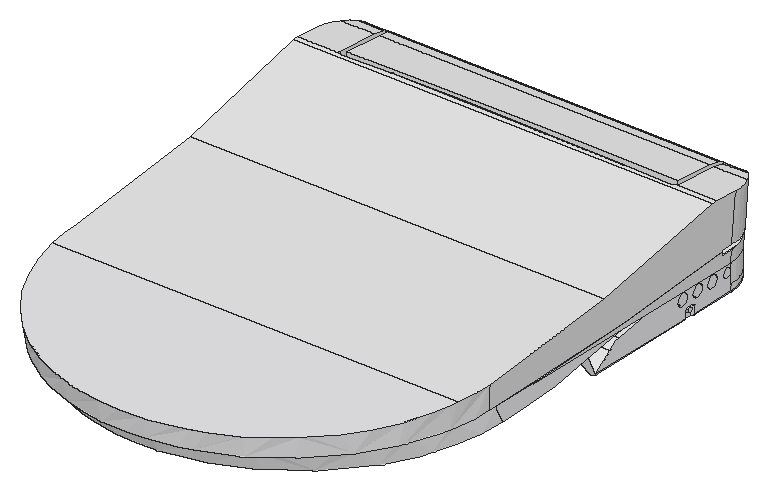
Revit family "Toilet_Seat-Elongated_Closed_Front-Cleansing-KOHLER-Purewash-K-28820K", category Plumbing Fixtures, host Face, Revit 2021
Family settings
  Host = Face
  Round Connector Dimension = Use Diameter
  Part Type = Normal
  OmniClass Number = 23.31.19.19.17
  OmniClass Title = Water Closet Seats
  Cut with Voids When Loaded = No
  Shared = No
  Room Calculation Point = No
Parameters (values of type "0-White")
  Width = 15.06299"  # constant formula
  WaterSense Certified = 1 = 0  # no
  Waste Water Outlet = "Waste Water Outlet"  # constant formula
  Waste Connection = 1 = 0  # no
  Voltage = 120 V  # constant formula
  Vent Connection = 1 = 0  # no
  URL = "https://www.kohlerasiapacific.com/"
  Type = 1
  Seat Included = 1 = 1  # yes
  Product Page URL = ""
  Product Name = "Purewash"  # constant formula
  Product Documentation Link = ""
  Pressure = 0.00 psi
  Model = "K-28820K-0"  # constant formula
  Material = "Plastic Construction"  # constant formula
  Master Format 2014 Name = "Residential Water Closets"  # constant formula
  Master Format 2014 = "22 41 13.13"  # constant formula
  Manufacturer Address = "No. 158 Jiang Chang San Road, Zhabei District, Shanghai, China"  # constant formula
  Manufacturer = "Kohler Co."  # constant formula
  Length = 20.24409"  # constant formula
  Hot Water Inlet = "Hot Water Inlet"  # constant formula
  Height = 3.56693"  # constant formula
  HW Connection = 1 = 0  # no
  Flush Rate- LPF = "0 LPF"
  Flush Rate- GPF = "0 GPF"
  Flow Rate = 0 GPM
  Finish = Kohler-Plastic-0-White
  Environmental Product Declaration = ""
  Electrical Note = "One Dedicated Circuit Required"  # constant formula
  Electrical Connector = 1 = 1  # yes
  Description = "E900 Round Bidet Seat"  # constant formula
  Default Elevation = 15"
  Declare Label = ""
  Date Modified = "11/18/2023"  # constant formula
  Date Created = "11/18/2023"  # constant formula
  Copyright = "Copyright Kohler Co."  # constant formula
  Contact Us = "https://www.kohlerasiapacific.com/contact-us"
  Cold Water Inlet = "Cold Water Inlet"  # constant formula
  CW Connection = 1 = 1  # yes
  Assembly Code = "D2010100"
  Apparent Load = 1200 VA  # constant formula
  ADA Compliant = 1 = 0  # no
Reference planes (in)
  plane 1 "Center (Front/Back)": y = 0
  plane 2: z = 0
  plane 3 "Center (Left/Right)": x = 0
  plane 4: z = 0
  plane 5: z = 3.56693
  plane 6: x = -7.5315
  plane 7: y = -3.56693
  plane 8: x = -3.94094
  plane 9: x = 3.94094
  plane 10: y = -6.24711
  plane 11: y = -17.27073
  plane 12: y = -0.80315
  plane 13: z = 0
  plane 14: z = 3.56693
  plane 15: z = 1.81102
  plane 16: z = 1.43701
  plane 17: z = 2.77843
  plane 18: z = 0.87826
  plane 19: z = 0.41589
  plane 20: z = -0.91732
  plane 21: z = 0.41589
  plane 22: z = 0.87
  plane 23: y = -2.45809
  plane 24: y = -3.41243
  plane 25: x = 7.31333
  plane 26: x = -7.31333
  plane 27: z = 1.05051
  plane 28: z = 0.4528
  plane 29: z = 0.4528
  plane 30: z = 0.4528
  plane 31: x = -2.75591
  plane 32: x = 2.75591
  plane 33: y = -3.68252
  plane 34: z = 1.94094
  plane 35: x = 7.5315
  plane 36: y = -20.24409
Forms (in)
  Extrusion 1, void
    sketch origin (0, 0, 0) x (0, 1, 0) y (0, 0, 1)
      loop
        line (-1.31466, 0.0884) -> (-5.35645, 0.0884) -> (-5.35645, -1.29024) -> (-1.31466, -1.29024) -> (-1.31466, 0.0884)
    from -1.69501 to 1.10921
Dimensions and locks (in)
  host face to plane 4 = 0"
  "Height": level to plane 5
  plane 8 to plane 9 = 7.88189"
  plane 10 to plane 11 = 11.02362"
  plane 31 to plane 32 = 5.51181"
  plane 20 to plane 5 = 4.48425"
  level to plane 34 = 1.94094"
  "Width": plane 6 to plane 35
  "Length": plane 36 to plane 1 "Center (Front/Back)"
  aligned and locked: plane 2 to host face
  aligned and locked: level to host face
  aligned and locked: plane 3 "Center (Left/Right)" to nested 1
  aligned and locked: nested 1 to plane 13
  aligned and locked: plane 13 to level
  aligned and locked: plane 6 to nested 1
  aligned and locked: plane 35 to nested 1
  aligned and locked: plane 1 "Center (Front/Back)" to nested 1  (x2)
  aligned and locked: plane 36 to nested 1
Automatic sketch dimensions
  host sketch curve to host sketch curve = 96"  (x2)
  plane 7 to Extrusion 1 sketch curve = 2.25227"
  level to Extrusion 1 sketch curve = 0.0884"
  plane 10 to Extrusion 1 sketch curve = 0.89065"
  plane 20 to Extrusion 1 sketch curve = 0.37292"
Nested families (in)
  nested 1: "K-28820K" at (0, 0, -0.91732), type "K-28820K"
Connectors (in)
  piping at (-7.31333, -2.45809, 1.05051), diameter 0.5, driven by "CW Connection", driven by "Cold Water Inlet"
    settings: on nested 1, index 2, connector inside diameter 24", connector length 0", flow factor 0, pipe flow 0 GPM, pressure drop 0.00 psi, fitting loss kfactor 0, connector angle 0.00°, fixture units 0, engagement length 0", angle of deflection 0.00°, flow configuration 0, flow direction 1, fitting loss method 0, system type 20, joint type 0, gender type 0, connector reference index -1, connector utility 1, adjustable connector no, is connector primary yes, connector description "Cold Water Inlet"
  electrical at (7.31333, -3.41243, 0.4528), driven by "Electrical Connector", driven by "Electrical Note", driven by "Voltage", driven by "Apparent Load"
    settings: on nested 1, index 3, voltage 120 V, apparent load 1200 VA, apparent load phase1 0 VA, apparent load phase2 0 VA, apparent load phase3 0 VA, power factor 1, load classification "Power", number of poles 1, system type 30, power factor state 1, is connector primary yes, connector utility yes, sub classification motor no, connector description "One Dedicated Circuit Required"
Definition of nested family "K-28820K"
  Parameters (values of type "K-28820IN")
    Material = none
    HC = no
    Default Elevation = 0"
  Reference planes (in)
    plane 1 "Center (Front/Back)": y = 0
    plane 2: z = 0
    plane 3 "Center (Left/Right)": x = 0
    plane 4 "A": through (0, -4.15406, 2.4332) normal (0, -0.2824, 0.9593)
    plane 5 "1": through (0, -4.44479, 3.48686) normal (0, -0.2272, 0.9739)
    plane 6: z = 1.12782
    plane 7: z = 3.95289
    plane 8: z = 0
    plane 9: x = -7.5315
    plane 10: x = 7.5315
    plane 11: y = -0.80315
    plane 12 "4": through (0, -4.94768, 0.41919) normal (0, -0.7071, -0.7071)
    plane 13 "2": through (0, -4.38689, 0.22976) normal (0, -0.7071, 0.7071)
    plane 14: y = -6.24711
    plane 15: y = -17.27073
    plane 16: x = 3.94094
    plane 17: x = -3.94094
    plane 18: z = 4.48425
    plane 19: z = 0.91732
    plane 20: z = 2.85827
    plane 21: z = 2.35433
    plane 22: y = -2.53191
    plane 23: x = 7.50124
    plane 24: x = -7.50327
    plane 25: z = 3.69575
    plane 26: y = 0
    plane 27: y = -3.41243
    plane 28: z = 1.33321
    plane 29: z = 0
    plane 30: z = 1.78733
    plane 31: x = 7.31333
    plane 32: x = -7.31333
    plane 33: y = -2.45809
    plane 34: z = 1.37012
    plane 35: z = 1.96783
    plane 36: y = -20.24409
  Forms (in)
    Extrusion 1, void
      sketch origin (0, 0, 0) x (1, 0, 0) y (0, 1, 0)
        loop
          line (5.91841, 0.5055) -> (5.91841, -2.22794)
          arc (5.91841, -2.22794) -> (0, -2.17361) -> (-5.91841, -2.2281) r 321.9074
          line (-5.91841, -2.2281) -> (-5.91841, 0.60393) -> (-6.08082, 0.60393) -> (-6.08082, -2.36326)
          arc (-6.08082, -2.36326) -> (-6.03838, -2.46298) -> (-5.93709, -2.50153) r 0.13837
          arc (-5.93709, -2.50153) -> (0.0003, -2.38675) -> (5.93768, -2.50202) r 153.30301
          arc (5.93768, -2.50202) -> (6.03855, -2.46363) -> (6.08082, -2.36433) r 0.1378
          line (6.08082, -2.36433) -> (6.08082, 0.5055) -> (5.91841, 0.5055)
      from 2.68112 to 7.6623
    Extrusion 2, solid, material <- "Material", detail levels medium+fine
      sketch origin (0, 0, 0) x (0, 1, 0) y (0, 0, 1)
        loop
          line (-5.47875, 1.05493) -> (-4.56243, 0.02686) -> (-3.53436, 1.05493) -> (-5.47875, 1.05493)
      from -1.02586 to 1.06291
    Sweep 3, solid, material <- "Material", detail levels medium+fine
      path origin (0, 0, 0) x (1, 0, 0) y (0, 1, 0)
        loop
          line (7.31333, -8.16841) -> (7.31333, -1.5748)
          arc (7.31333, -1.5748) -> (6.85208, -0.46125) -> (5.73853, 0) r 1.5748
          line (5.73853, 0) -> (-5.81333, 0)
          arc (-5.81333, 0) -> (-6.87399, -0.43934) -> (-7.31333, -1.5) r 1.5
          line (-7.31333, -1.5) -> (-7.31333, -7.99606)
      profile origin (-7.31333, -4.74803, 0) x (1, 0, 0) y (0, 0, 1)
        loop
          line (0, 1.38413) -> (0, 1.15841)
          arc (0, 1.15841) -> (0.00565, 1.13731) -> (0.0211, 1.12186) r 0.0422
          line (0.0211, 1.12186) -> (0.33319, 0.94168)
          arc (0.33319, 0.94168) -> (0.37703, 0.92352) -> (0.42408, 0.91732) r 0.18179
          line (0.42408, 0.91732) -> (0.68301, 0.91732) -> (0.68301, 1.38413) -> (0, 1.38413)
    Extrusion 4, solid, material <- "Material", detail levels medium+fine
      sketch origin (0, 0, 0) x (1, 0, 0) y (0, 1, 0)
        loop
          arc (-5.95669, -0.68301) -> (-6.58728, -0.94421) -> (-6.84848, -1.5748) r 0.89179
          line (-6.84848, -1.5748) -> (-6.84848, -7.99606) -> (6.84848, -7.99606) -> (6.84848, -1.5748)
          arc (6.84848, -1.5748) -> (6.58728, -0.94421) -> (5.95669, -0.68301) r 0.89179
          line (5.95669, -0.68301) -> (-5.95669, -0.68301)
      from 0.91732 to 1.38413
    Extrusion 5, void
      sketch origin (0, 0, -0.05469) x (1, 0, 0) y (0, 0, 1)
        loop
          arc (-6.49631, 2.77136) -> (-6.26963, 2.7976) -> (-6.04144, 2.79893) r 2.08579
          line (-6.04144, 2.79893) -> (-6.04144, 3.13675)
          arc (-6.04144, 3.13675) -> (-6.21672, 3.13193) -> (-6.39033, 3.1073) r 1.5473
          arc (-6.39033, 3.1073) -> (-6.69483, 3.02189) -> (-6.98292, 2.89143) r 2.086
          arc (-6.98292, 2.89143) -> (-7.15579, 2.80875) -> (-7.3367, 2.74553) r 1.74393
          arc (-7.3367, 2.74553) -> (-7.44785, 2.71734) -> (-7.56062, 2.69652) r 1.74393
          arc (-7.56062, 2.69652) -> (-7.7236, 2.64352) -> (-7.89164, 2.60989) r 1.46679
          arc (-7.89164, 2.60989) -> (-7.81686, 2.5539) -> (-7.72802, 2.52499) r 0.28594
          arc (-7.72802, 2.52499) -> (-7.50668, 2.51864) -> (-7.29034, 2.56584) r 0.91167
          arc (-7.29034, 2.56584) -> (-6.8976, 2.68514) -> (-6.49631, 2.77136) r 4.93078
        loop
          arc (6.49631, 2.77136) -> (6.8976, 2.68514) -> (7.29034, 2.56584) r 4.93078
          arc (7.29034, 2.56584) -> (7.50668, 2.51864) -> (7.72802, 2.52499) r 0.91167
          arc (7.72802, 2.52499) -> (7.81686, 2.5539) -> (7.89164, 2.60989) r 0.28594
          arc (7.89164, 2.60989) -> (7.7236, 2.64352) -> (7.56062, 2.69652) r 1.46679
          arc (7.56062, 2.69652) -> (7.44785, 2.71734) -> (7.3367, 2.74553) r 1.74393
          arc (7.3367, 2.74553) -> (7.15579, 2.80875) -> (6.98292, 2.89143) r 1.74393
          arc (6.98292, 2.89143) -> (6.69483, 3.02189) -> (6.39033, 3.1073) r 2.086
          arc (6.39033, 3.1073) -> (6.21672, 3.13193) -> (6.04144, 3.13675) r 1.5473
          line (6.04144, 3.13675) -> (6.04144, 2.79893)
          arc (6.04144, 2.79893) -> (6.26963, 2.7976) -> (6.49631, 2.77136) r 2.08579
      from -0.13429 to 2.04421
    Extrusion 6, solid, material <- "Material", detail levels medium+fine
      sketch origin (0.08093, 0, 0) x (1, 0, 0) y (0, 1, 0)
        loop
          arc (6.30544, -11.37878) -> (5.89242, -10.7178) -> (5.23145, -11.13083) r 0.55112
          line (5.23145, -11.13083) -> (4.95538, -12.32661)
          arc (4.95538, -12.32661) -> (5.3684, -12.98759) -> (6.02937, -12.57456) r 0.55112
          line (6.02937, -12.57456) -> (6.30544, -11.37878)
        loop
          line (-6.45677, -11.57597) -> (-6.22622, -12.57456)
          arc (-6.22622, -12.57456) -> (-5.56525, -12.98759) -> (-5.15223, -12.32661) r 0.55112
          line (-5.15223, -12.32661) -> (-5.38277, -11.32802)
          arc (-5.38277, -11.32802) -> (-6.04374, -10.91499) -> (-6.45677, -11.57597) r 0.55112
      from 0.91732 to 1.58915
    Extrusion 7, void
      sketch origin (0, 0, 0) x (0, 1, 0) y (0, 0, 1)
        loop
          arc (-2.44346, 4.50983) -> (-1.61512, 4.45497) -> (-0.7883, 4.38062) r 35.22946
          arc (-0.7883, 4.38062) -> (-0.58901, 4.35367) -> (-0.39192, 4.31368) r 3.05569
          arc (-0.39192, 4.31368) -> (-0.1827, 4.18538) -> (-0.09013, 3.95809) r 0.3937
          line (-0.09013, 3.95809) -> (0.16199, 0.35269) -> (0.51402, 0.35269) -> (0.51402, 5.25794) -> (-21.08788, 5.25794) -> (-21.08788, 2.79077)
          arc (-21.08788, 2.79077) -> (-20.4862, 2.79113) -> (-19.88453, 2.79322) r 210.34624
          arc (-19.88453, 2.79322) -> (-16.80236, 2.83091) -> (-13.72108, 2.91375) r 210.34624
          arc (-13.72108, 2.91375) -> (-10.53082, 3.11309) -> (-7.35688, 3.49192) r 56.6922
          arc (-7.35688, 3.49192) -> (-4.98208, 3.91815) -> (-2.63781, 4.48885) r 39.42662
          arc (-2.63781, 4.48885) -> (-2.54148, 4.50722) -> (-2.44346, 4.50983) r 0.60644
      from -9.62549 to 9.84252
    Extrusion 8, void
      sketch origin (0, 0, 0) x (1, 0, 0) y (0, 0, 1)
        loop
          line (3.62375, 2.99049) -> (3.62375, 1.61254) -> (5.63601, 1.61254) -> (5.63601, 2.99049) -> (3.62375, 2.99049)
        loop
          arc (3.64344, 3.06923) -> (3.57384, 3.0404) -> (3.54501, 2.9708) r 0.09843
          line (3.54501, 2.9708) -> (3.54501, 1.63222)
          arc (3.54501, 1.63222) -> (3.57384, 1.56262) -> (3.64344, 1.5338) r 0.09843
          line (3.64344, 1.5338) -> (5.65324, 1.5338)
          arc (5.65324, 1.5338) -> (5.72284, 1.56262) -> (5.75166, 1.63222) r 0.09843
          line (5.75166, 1.63222) -> (5.75166, 2.9708)
          arc (5.75166, 2.9708) -> (5.72284, 3.0404) -> (5.65324, 3.06923) r 0.09843
          line (5.65324, 3.06923) -> (3.64344, 3.06923)
      from -0.39237 to 0.16455
    Revolve 9, solid, material <- "Material", detail levels medium+fine
      sketch origin (0, 0, 0) x (0, 1, 0) y (0, 0, 1)
        loop
          line (-4.68887, -0.0024) -> (-4.53157, 0.08124) -> (-4.96245, 0.51212) -> (-4.68887, -0.0024)
        axis (-4.96245, 0.51212) -> (-4.53157, 0.08124)
      angle from 0 to 360
    Extrusion 10, void
      sketch origin (0, -2.26425, -2.26425) x (0, -0.707107, 0.707107) y (-1, 0, 0)
        loop
          line (4.40423, 0.84314) -> (4.52101, 0.87443) -> (2.89015, 0.87443) -> (2.89015, -0.87669) -> (4.52101, -0.87669) -> (4.52101, -0.8454) -> (3.087, -0.8454) -> (3.087, 0.84314) -> (4.40423, 0.84314)
      from -0.09025 to 0.67689
    Extrusion 11, void
      sketch origin (0, -2.30833, 2.30833) x (0, 0.707107, 0.707107) y (-1, 0, 0)
        loop
          line (-3.1742, -1.21901) -> (-3.1742, 1.19132) -> (-3.43784, 1.19132) -> (-3.43784, -1.21901) -> (-3.1742, -1.21901)
      from -0.09514 to 0.23435
    Extrusion 12, solid, material <- "Material", detail levels medium+fine
      sketch origin (0, 0.7874, 0) x (1, 0, 0) y (0, 1, 0)
        loop
          line (-4.25501, -16.52036) -> (-3.70463, -17.33634)
          arc (-3.70463, -17.33634) -> (-3.02144, -17.46914) -> (-2.88865, -16.78596) r 0.49213
          line (-2.88865, -16.78596) -> (-3.43903, -15.96997)
          arc (-3.43903, -15.96997) -> (-4.12222, -15.83718) -> (-4.25501, -16.52036) r 0.49213
        loop
          arc (4.25964, -16.52036) -> (4.12684, -15.83718) -> (3.44366, -15.96997) r 0.49213
          line (3.44366, -15.96997) -> (2.89327, -16.78596)
          arc (2.89327, -16.78596) -> (3.02607, -17.46914) -> (3.70925, -17.33634) r 0.49213
          line (3.70925, -17.33634) -> (4.25964, -16.52036)
      from 0.91732 to 1.49291
    Extrusion 13, void
      sketch origin (0, -0.24606, 0) x (1, 0, 0) y (0, 1, 0)
        loop
          arc (-3.01457, -5.68304) -> (-5.74362, -6.60076) -> (-8.24284, -8.03037) r 14.77384
          line (-8.24284, -8.03037) -> (8.17796, -8.03037)
          arc (8.17796, -8.03037) -> (4.92674, -6.1476) -> (1.25856, -5.33535) r 12.28646
          arc (1.25856, -5.33535) -> (-0.89068, -5.35337) -> (-3.01457, -5.68304) r 14.77384
      from -1.71563 to 1.71758
    Extrusion 14, void
      sketch origin (0, 0, 0) x (0, 1, 0) y (0, 0, 1)
        loop
          line (-8.59995, 0.37029) -> (-7.01965, 1.65)
          arc (-7.01965, 1.65) -> (-6.79687, 1.78589) -> (-6.54621, 1.85846) r 0.98425
          arc (-6.54621, 1.85846) -> (-5.49558, 2.03486) -> (-4.45175, 2.24789) r 30.46563
          arc (-4.45175, 2.24789) -> (-5.5682, 2.14306) -> (-6.68491, 2.04112) r 433.66908
          arc (-6.68491, 2.04112) -> (-7.37733, 1.94727) -> (-8.05852, 1.79159) r 7.77016
          arc (-8.05852, 1.79159) -> (-8.74373, 1.64) -> (-9.44096, 1.56027) r 6.75965
          arc (-9.44096, 1.56027) -> (-10.3103, 1.51257) -> (-11.18022, 1.47726) r 61.15216
          arc (-11.18022, 1.47726) -> (-12.35109, 1.44412) -> (-13.52225, 1.42306) r 113.58514
          arc (-13.52225, 1.42306) -> (-14.6389, 1.41231) -> (-15.75559, 1.40873) r 174.11127
          line (-15.75559, 1.40873) -> (-19.66799, 1.40873)
          arc (-19.66799, 1.40873) -> (-20.43129, 1.42997) -> (-21.19222, 1.49363) r 13.72485
          line (-21.19222, 1.49363) -> (-21.19222, 0.1505) -> (-8.59995, 0.37029)
      from -8.53725 to 9.58816
    Extrusion 15, void
      sketch origin (0, 0, 0) x (0, 1, 0) y (0, 0, -1)
        loop
          line (-2.04421, -2.64648) -> (-2.01591, -2.61818)
          arc (-2.01591, -2.61818) -> (-4.18902, -2.35864) -> (-6.3741, -2.23539) r 35.00923
          arc (-6.3741, -2.23539) -> (-8.43404, -2.17117) -> (-10.49304, -2.08188) r 169.35089
          arc (-10.49304, -2.08188) -> (-11.97639, -2.03188) -> (-13.46057, -2.02857) r 47.17689
          arc (-13.46057, -2.02857) -> (-15.19471, -2.0536) -> (-16.9288, -2.08188) r 927.827
          line (-16.9288, -2.08188) -> (-12.99405, -2.08188)
          arc (-12.99405, -2.08188) -> (-11.7449, -2.10586) -> (-10.49607, -2.14301) r 118.48811
          arc (-10.49607, -2.14301) -> (-8.43563, -2.21006) -> (-6.37489, -2.26688) r 415.27458
          arc (-6.37489, -2.26688) -> (-4.20363, -2.38916) -> (-2.04421, -2.64648) r 34.88561
      from -9.69979 to -5.91841
    Extrusion 16, void
      sketch origin (0, 0, 0) x (1, 0, 0) y (0, 1, 0)
        loop
          arc (-3.13197, -7.40143) -> (-3.65095, -7.99233) -> (-3.97572, -8.70859) r 2.67568
          arc (-3.97572, -8.70859) -> (-4.18662, -9.98022) -> (-4.10502, -11.26663) r 5.67325
          arc (-4.10502, -11.26663) -> (-3.70389, -13.11659) -> (-3.16953, -14.93254) r 26.05869
          arc (-3.16953, -14.93254) -> (-2.51301, -16.26917) -> (-1.52589, -17.38415) r 5.5713
          arc (-1.52589, -17.38415) -> (0.01763, -17.95819) -> (1.56115, -17.38415) r 2.3622
          arc (1.56115, -17.38415) -> (2.54828, -16.26917) -> (3.20479, -14.93254) r 5.5713
          arc (3.20479, -14.93254) -> (3.73916, -13.11659) -> (4.14028, -11.26663) r 26.05869
          arc (4.14028, -11.26663) -> (4.22188, -9.98022) -> (4.01099, -8.70859) r 5.67325
          arc (4.01099, -8.70859) -> (3.68622, -7.99233) -> (3.16724, -7.40143) r 2.67568
          arc (3.16724, -7.40143) -> (0.01763, -6.24708) -> (-3.13197, -7.40143) r 4.87396
      from 0.45537 to 2.32037
    Extrusion 17, solid, material <- "Material", detail levels medium+fine
      sketch origin (0, 0, 0) x (1, 0, 0) y (0, 1, 0)
        loop
          line (6.99399, -6.34927) -> (6.99399, -3.33566) -> (-6.90799, -3.33566) -> (-6.90799, -6.34927)
          arc (-6.90799, -6.34927) -> (0.043, -5.24838) -> (6.99399, -6.34927) r 22.49465
      from 1.77908 to 2.08188
    Extrusion 18, void
      sketch origin (0, 0, 0) x (0, 1, 0) y (0, 0, 1)
        loop
          arc (-1.75643, 1.78851) -> (-2.44933, 2.4487) -> (-3.12425, 1.77014) r 0.68413
          line (-3.12425, 1.77014) -> (-3.12425, 1.27281) -> (-3.03539, 1.27281) -> (-3.03539, 1.0267) -> (-2.9505, 1.0267) -> (-2.9435, 1.22721)
          arc (-2.9435, 1.22721) -> (-2.9291, 1.25955) -> (-2.89629, 1.27281) r 0.04724
          line (-2.89629, 1.27281) -> (-1.93905, 1.27281)
          arc (-1.93905, 1.27281) -> (-1.90565, 1.25897) -> (-1.89181, 1.22556) r 0.04724
          line (-1.89181, 1.22556) -> (-1.89181, 1.0267) -> (-1.80976, 1.0267) -> (-1.81979, 1.31399) -> (-1.73986, 1.31399) -> (-1.75643, 1.78851)
      from -7.717 to -7.26433
    Extrusion 19, void
      sketch origin (0, 0, 0) x (0, 1, 0) y (0, 0, 1)
        loop
          arc (-3.21131, 1.41207) -> (-3.23438, 1.46775) -> (-3.29005, 1.49081) r 0.07874
          line (-3.29005, 1.49081) -> (-3.54651, 1.49081)
          arc (-3.54651, 1.49081) -> (-3.60219, 1.46775) -> (-3.62525, 1.41207) r 0.07874
          line (-3.62525, 1.41207) -> (-3.62525, 0.99722) -> (-3.21131, 0.99722) -> (-3.21131, 1.41207)
        loop
          circle (-3.42184, 1.31728) r 0.05906
      from -7.85962 to -7.26433
    Extrusion 20, void
      sketch origin (0, 0, 0) x (1, 0, 0) y (0, 0, 1)
        loop
          line (3.42335, 1.45052) -> (1.41798, 1.45052) -> (1.41798, 0.8935) -> (3.42335, 0.9986) -> (3.42335, 1.45052)
        loop
          line (-3.31542, 1.36631) -> (-3.31542, 0.77576) -> (-1.43891, 0.77576) -> (-1.43891, 1.36631) -> (-3.31542, 1.36631)
      from -0.72251 to 0.16455
    Extrusion 21, void
      sketch origin (0, 0, 0) x (1, 0, 0) y (0, 0, 1)
        loop
          arc (0.18328, 1.66189) -> (0.00181, 1.84336) -> (-0.17967, 1.66189) r 0.18147
          line (-0.17967, 1.66189) -> (-0.17967, 0.77576) -> (0.18328, 0.77576) -> (0.18328, 1.66189)
        loop
          circle (0.00181, 1.66189) r 0.0663
        loop
          arc (-6.01751, 1.58807) -> (-6.19898, 1.76955) -> (-6.38045, 1.58807) r 0.18147
          line (-6.38045, 1.58807) -> (-6.38045, 0.77576) -> (-6.01751, 0.77576) -> (-6.01751, 1.58807)
        loop
          circle (-6.19898, 1.58807) r 0.0663
        loop
          arc (6.38407, 1.58807) -> (6.20259, 1.76955) -> (6.02112, 1.58807) r 0.18147
          line (6.02112, 1.58807) -> (6.02112, 0.75499) -> (6.38407, 0.75499) -> (6.38407, 1.58807)
        loop
          circle (6.20259, 1.58807) r 0.0663
      from -0.41876 to 0.16455
    Extrusion 22, void
      sketch origin (0, 0, 0) x (0, 1, 0) y (0, 0, 1)
        loop
          circle (-3.74729, 1.83353) r 0.20472
        loop
          circle (-3.06994, 1.83353) r 0.20472
        loop
          circle (-2.41479, 1.83353) r 0.20472
        loop
          circle (-1.75244, 1.83353) r 0.15748
        loop
          line (-3.62584, 1.41402) -> (-3.62584, 0.85381) -> (-3.20754, 0.85381) -> (-3.20754, 1.41402)
          arc (-3.20754, 1.41402) -> (-3.2306, 1.4697) -> (-3.28628, 1.49276) r 0.07874
          line (-3.28628, 1.49276) -> (-3.5471, 1.49276)
          arc (-3.5471, 1.49276) -> (-3.60278, 1.4697) -> (-3.62584, 1.41402) r 0.07874
        loop
          circle (-3.74729, 1.83353) r 0.19685
        loop
          circle (-3.06994, 1.83353) r 0.19685
        loop
          circle (-2.41479, 1.83353) r 0.19685
        loop
          circle (-1.75244, 1.83353) r 0.14961
      from 7.15244 to 7.84264
    Extrusion 23, solid, material <- "Material", detail levels medium+fine
      sketch origin (0, 0.07382, 0.17224) x (0, 1, 0) y (0, 0, 1)
        loop
          circle (-2.53191, 1.79559) r 0.19685
      from -7.31333 to -7.24747
    Extrusion 24, solid, material <- "Material", detail levels medium+fine
      sketch origin (0.30664, 0, 0) x (1, 0, 0) y (0, 1, 0)
        loop
          circle (-1.55618, -5.13822) r 0.1702
      from 0.84881 to 0.91732
    Blend 25, solid, material <- "Material", detail levels medium+fine
      base sketch origin (0, 0, 0) x (1, 0, 0) y (0, 1, 0)
        loop
          line (-7.31333, -1.5748) -> (-7.31333, -12.38678)
          arc (-7.31333, -12.38678) -> (0, -19.70011) -> (7.31333, -12.38678) r 7.31333
          line (7.31333, -12.38678) -> (7.31333, -1.5748)
          arc (7.31333, -1.5748) -> (6.85208, -0.46125) -> (5.73853, 0) r 1.5748
          line (5.73853, 0) -> (-5.73853, 0)
          arc (-5.73853, 0) -> (-6.85208, -0.46125) -> (-7.31333, -1.5748) r 1.5748
      top sketch origin (0, 0, 0) x (1, 0, 0) y (0, 1, 0)
        loop
          line (-7.5315, -1.5748) -> (-7.5315, -12.69889)
          arc (-7.5315, -12.69889) -> (0, -20.23039) -> (7.5315, -12.69889) r 7.5315
          line (7.5315, -12.69889) -> (7.5315, -1.5748)
          arc (7.5315, -1.5748) -> (7.07025, -0.46125) -> (5.95669, 0) r 1.5748
          line (5.95669, 0) -> (-5.95669, 0)
          arc (-5.95669, 0) -> (-7.07025, -0.46125) -> (-7.5315, -1.5748) r 1.5748
      from 2.08188 to 4.81616
    Blend 26, solid, material <- "Material", detail levels medium+fine
      base sketch origin (0, 0, 0) x (1, 0, 0) y (0, 1, 0)
        loop
          line (5.73853, 0) -> (-5.81333, 0)
          arc (-5.81333, 0) -> (-6.87399, -0.43934) -> (-7.31333, -1.5) r 1.5
          line (-7.31333, -1.5) -> (-7.31333, -11.74229)
          arc (-7.31333, -11.74229) -> (0, -19.05562) -> (7.31333, -11.74229) r 7.31333
          line (7.31333, -11.74229) -> (7.31333, -1.5748)
          arc (7.31333, -1.5748) -> (6.85208, -0.46125) -> (5.73853, 0) r 1.5748
      top sketch origin (0, 0, 0) x (1, 0, 0) y (0, 1, 0)
        loop
          line (5.73853, 0) -> (-5.73853, 0)
          arc (-5.73853, 0) -> (-6.85208, -0.46125) -> (-7.31333, -1.5748) r 1.5748
          line (-7.31333, -1.5748) -> (-7.31333, -12.09761)
          arc (-7.31333, -12.09761) -> (0, -19.41094) -> (7.31333, -12.09761) r 7.31333
          line (7.31333, -12.09761) -> (7.31333, -1.5748)
          arc (7.31333, -1.5748) -> (6.85208, -0.46125) -> (5.73853, 0) r 1.5748
      from 1.38413 to 2.08188
    Extrusion 27, void
      sketch origin (0, 0, 0) x (0, 1, 0) y (0, 0, 1)
        loop
          arc (-2.04421, 2.64648) -> (-4.20363, 2.38916) -> (-6.37489, 2.26688) r 34.88561
          arc (-6.37489, 2.26688) -> (-8.43563, 2.21006) -> (-10.49607, 2.14301) r 415.27458
          arc (-10.49607, 2.14301) -> (-11.7449, 2.10586) -> (-12.99405, 2.08188) r 118.48811
          line (-12.99405, 2.08188) -> (-16.9288, 2.08188)
          arc (-16.9288, 2.08188) -> (-15.19471, 2.0536) -> (-13.46057, 2.02857) r 927.827
          arc (-13.46057, 2.02857) -> (-11.97639, 2.03188) -> (-10.49304, 2.08188) r 47.17689
          arc (-10.49304, 2.08188) -> (-8.43404, 2.17117) -> (-6.3741, 2.23539) r 169.35089
          arc (-6.3741, 2.23539) -> (-4.18902, 2.35864) -> (-2.01591, 2.61818) r 35.00923
          line (-2.01591, 2.61818) -> (-2.04421, 2.64648)
      from -9.69979 to -4.58168
    Extrusion 28, solid, material <- "Material", detail levels medium+fine
      sketch origin (0, 0.01845, 0.03691) x (0, 1, 0) y (0, 0, 1)
        loop
          circle (-3.43088, 1.33321) r 0.06821
      from 7.18379 to 7.31333
    Extrusion 29, solid, material <- "Material", detail levels coarse
      sketch origin (0, 0, 0) x (0, 1, 0) y (0, 0, 1)
        loop
          line (-4.56243, 0.02686) -> (-3.67197, 0.91732) -> (-5.45289, 0.91732) -> (-4.56243, 0.02686)
      from -1.02586 to 1.06291
    Extrusion 30, void
      sketch origin (0, 0, 0) x (1, 0, 0) y (0, 1, 0)
        loop
          arc (-3.01457, -5.92911) -> (-4.79958, -6.46155) -> (-6.5034, -7.21437) r 14.77384
          line (-6.5034, -7.21437) -> (6.63221, -7.21437)
          arc (6.63221, -7.21437) -> (4.03994, -6.08673) -> (1.25856, -5.58141) r 12.28646
          arc (1.25856, -5.58141) -> (-0.89068, -5.59943) -> (-3.01457, -5.92911) r 14.77384
      from 1.21979 to 1.91927
    Blend 31, solid, material <- "Material", detail levels coarse
      base sketch origin (0.05141, -0.05793, 0) x (1, 0, 0) y (0, 1, 0)
        loop
          arc (-5.80067, 0) -> (-6.91422, -0.46125) -> (-7.37547, -1.5748) r 1.5748
          line (-7.37547, -1.5748) -> (-7.37547, -5.70866)
          arc (-7.37547, -5.70866) -> (-7.23918, -9.40589) -> (-6.83104, -13.08305) r 50.21624
          arc (-6.83104, -13.08305) -> (-5.78044, -16.15585) -> (-3.70442, -18.65305) r 8.96814
          arc (-3.70442, -18.65305) -> (0.15076, -19.97434) -> (3.90469, -18.3881) r 5.70866
          arc (3.90469, -18.3881) -> (5.82943, -15.78959) -> (6.78683, -12.70086) r 9.64237
          arc (6.78683, -12.70086) -> (7.13497, -9.19826) -> (7.25119, -5.68032) r 53.30263
          line (7.25119, -5.68032) -> (7.25119, -1.5748)
          arc (7.25119, -1.5748) -> (6.78994, -0.46125) -> (5.67639, 0) r 1.5748
          line (5.67639, 0) -> (-5.80067, 0)
      top sketch origin (0.05141, -0.05793, 0) x (1, 0, 0) y (0, 1, 0)
        loop
          line (-7.5315, -1.5748) -> (-7.5315, -7.90027)
          arc (-7.5315, -7.90027) -> (-7.22961, -11.47029) -> (-6.33252, -14.93892) r 21.25984
          arc (-6.33252, -14.93892) -> (-5.51719, -16.76571) -> (-4.4134, -18.43412) r 12.16097
          arc (-4.4134, -18.43412) -> (0.21858, -20.58097) -> (4.68432, -18.10685) r 5.63676
          arc (4.68432, -18.10685) -> (5.83833, -16.08061) -> (6.66704, -13.90102) r 15.11957
          arc (6.66704, -13.90102) -> (7.31427, -10.93162) -> (7.5315, -7.90027) r 21.25984
          line (7.5315, -7.90027) -> (7.5315, -1.5748)
          arc (7.5315, -1.5748) -> (7.07025, -0.46125) -> (5.95669, 0) r 1.5748
          line (5.95669, 0) -> (-5.95669, 0)
          arc (-5.95669, 0) -> (-7.07025, -0.46125) -> (-7.5315, -1.5748) r 1.5748
      from 0.91732 to 4.81616
  Cuts and joins
    Extrusion 10, Extrusion 11 cuts Extrusion 2
    Extrusion 27 cuts Extrusion 17
    Extrusion 1, Extrusion 5, Extrusion 7, Extrusion 8, Extrusion 15, Extrusion 18, Extrusion 27 cuts Blend 25
    Extrusion 13, Extrusion 14, Extrusion 18, Extrusion 19, Extrusion 20, Extrusion 21, Extrusion 22 cuts Sweep 3
    Extrusion 13, Extrusion 14 cuts Extrusion 4
    Extrusion 8, Extrusion 13, Extrusion 14, Extrusion 16, Extrusion 18, Extrusion 19, Extrusion 20, Extrusion 21, Extrusion 22, Extrusion 27, Extrusion 30 cuts Blend 26
    joined: Sweep 3, Extrusion 4, Extrusion 6, Extrusion 12, Blend 26
    Extrusion 7 cuts Blend 31
  Lines and regions (in)
    Masking region 1
      outline origin (0, 0, 0) x (1, 0, 0) y (0, 1, 0)
        loop
          line (5.95669, 0) -> (-5.95669, 0)
          arc (-5.95669, 0) -> (-7.07025, -0.46125) -> (-7.5315, -1.5748) r 1.5748
          line (-7.5315, -1.5748) -> (-7.5315, -12.71862)
          arc (-7.5315, -12.71862) -> (-5.53809, -17.82284) -> (-0.61308, -20.22513) r 7.5315
          arc (-0.61308, -20.22513) -> (-0.32175, -20.24175) -> (-0.02996, -20.24409) r 5.95874
          line (-0.02996, -20.24409) -> (0.02429, -20.24409)
          arc (0.02429, -20.24409) -> (0.39106, -20.23846) -> (0.75691, -20.21199) r 6.4502
          arc (0.75691, -20.21199) -> (5.58677, -17.7695) -> (7.5315, -12.71862) r 7.5315
          line (7.5315, -12.71862) -> (7.5315, -1.5748)
          arc (7.5315, -1.5748) -> (7.07025, -0.46125) -> (5.95669, 0) r 1.5748
    Masking region 2
      outline origin (0, 0, 0) x (0, 1, 0) y (0, 0, 1)
        loop
          arc (-0.10429, 3.93589) -> (-0.19686, 4.16318) -> (-0.40608, 4.29148) r 0.3937
          arc (-0.40608, 4.29148) -> (-0.60316, 4.33147) -> (-0.80246, 4.35842) r 3.05569
          arc (-0.80246, 4.35842) -> (-1.5762, 4.42859) -> (-2.3513, 4.48169) r 35.22946
          arc (-2.3513, 4.48169) -> (-2.38893, 4.48341) -> (-2.42659, 4.48425) r 1.61748
          line (-2.42659, 4.48425) -> (-2.45809, 4.48425)
          arc (-2.45809, 4.48425) -> (-2.51358, 4.48225) -> (-2.56888, 4.47728) r 1.03663
          arc (-2.56888, 4.47728) -> (-4.95512, 3.90167) -> (-7.37151, 3.46972) r 41.05142
          arc (-7.37151, 3.46972) -> (-13.16988, 2.88931) -> (-18.99715, 2.85827) r 61.72624
          line (-18.99715, 2.85827) -> (-20.11936, 2.85827)
          arc (-20.11936, 2.85827) -> (-20.20756, 2.82173) -> (-20.24409, 2.73353) r 0.12473
          line (-20.24409, 2.73353) -> (-20.24409, 2.69004) -> (-19.88843, 1.95124)
          arc (-19.88843, 1.95124) -> (-19.85937, 1.91811) -> (-19.81706, 1.90578) r 0.07874
          line (-19.81706, 1.90578) -> (-19.49294, 1.90578) -> (-19.49681, 1.86151)
          arc (-19.49681, 1.86151) -> (-19.49178, 1.84603) -> (-19.47715, 1.83889) r 0.02084
          line (-19.47715, 1.83889) -> (-19.44557, 1.83724) -> (-19.44557, 1.74194)
          arc (-19.44557, 1.74194) -> (-19.43436, 1.69173) -> (-19.40288, 1.65104) r 0.11811
          line (-19.40288, 1.65104) -> (-18.84902, 1.19147) -> (-17.49027, 1.21135)
          arc (-17.49027, 1.21135) -> (-17.44239, 1.19796) -> (-17.40947, 1.1607) r 0.08774
          line (-17.40947, 1.1607) -> (-17.38365, 1.10533) -> (-17.33245, 1.10601) -> (-17.29676, 1.00235)
          arc (-17.29676, 1.00235) -> (-17.25077, 0.94076) -> (-17.17756, 0.91732) r 0.12607
          line (-17.17756, 0.91732) -> (-16.04802, 0.91732)
          arc (-16.04802, 0.91732) -> (-15.95983, 0.95116) -> (-15.90678, 1.02932) r 0.15775
          line (-15.90678, 1.02932) -> (-15.87791, 1.1253) -> (-15.8275, 1.12729) -> (-15.81019, 1.16859)
          arc (-15.81019, 1.16859) -> (-15.77881, 1.20708) -> (-15.73157, 1.22238) r 0.08774
          line (-15.73157, 1.22238) -> (-12.97962, 1.29426)
          arc (-12.97962, 1.29426) -> (-12.9355, 1.2813) -> (-12.90728, 1.245) r 0.0749
          line (-12.90728, 1.245) -> (-12.82464, 1.01795)
          arc (-12.82464, 1.01795) -> (-12.76865, 0.94498) -> (-12.68093, 0.91732) r 0.15293
          line (-12.68093, 0.91732) -> (-11.01067, 0.91732)
          arc (-11.01067, 0.91732) -> (-10.91604, 0.94625) -> (-10.85377, 1.02315) r 0.16922
          line (-10.85377, 1.02315) -> (-10.74329, 1.2966)
          arc (-10.74329, 1.2966) -> (-10.0918, 1.30117) -> (-9.44158, 1.34205) r 11.68666
          arc (-9.44158, 1.34205) -> (-8.72431, 1.43337) -> (-8.01545, 1.576) r 10.05401
          arc (-8.01545, 1.576) -> (-7.92729, 1.59748) -> (-7.83932, 1.61976) r 10.05401
          arc (-7.83932, 1.61976) -> (-7.64784, 1.65983) -> (-7.45347, 1.68201) r 2.11229
          arc (-7.45347, 1.68201) -> (-7.15381, 1.71176) -> (-6.85664, 1.76042) r 4.75377
          line (-6.85664, 1.76042) -> (-6.96153, 1.62123) -> (-7.59346, 1.54363) -> (-7.87049, 1.176) -> (-7.83541, 1.176) -> (-7.83541, 1.13476)
          arc (-7.83541, 1.13476) -> (-7.83149, 1.11509) -> (-7.82035, 1.09841) r 0.0514
          line (-7.82035, 1.09841) -> (-7.63926, 0.91732) -> (-5.4169, 0.91732) -> (-4.84854, 0.34896) -> (-4.68625, 0) -> (-3.68462, 0.91732) -> (-0.4668, 0.91732) -> (0, 1.38413) -> (0, 2.44453) -> (-0.10429, 3.93589)
    Masking region 3
      outline origin (0, 0, 0) x (1, 0, 0) y (0, 0, 1)
        loop
          line (-6.9957, 0.91732) -> (-1.41568, 0.91732) -> (-1.41568, 0.85575)
          arc (-1.41568, 0.85575) -> (-1.40871, 0.83892) -> (-1.39188, 0.83195) r 0.0238
          line (-1.39188, 0.83195) -> (-1.10409, 0.83195)
          arc (-1.10409, 0.83195) -> (-1.08952, 0.83799) -> (-1.08348, 0.85256) r 0.02061
          line (-1.08348, 0.85256) -> (-1.08348, 0.91732) -> (-1.02586, 0.91732) -> (-1.02586, 0.35175)
          arc (-1.02586, 0.35175) -> (-0.83573, 0.13631) -> (-0.56495, 0.04016) r 0.57335
          line (-0.56495, 0.04016) -> (-0.26128, 0.04016)
          arc (-0.26128, 0.04016) -> (-0.18156, 0.01779) -> (-0.09998, 0.00361) r 0.8166
          arc (-0.09998, 0.00361) -> (-0.0574, 0.00011) -> (-0.01467, 0) r 0.53986
          line (-0.01467, 0) -> (0.01682, 0)
          arc (0.01682, 0) -> (0.05935, 0.00039) -> (0.10171, 0.00409) r 0.54493
          arc (0.10171, 0.00409) -> (0.18131, 0.01822) -> (0.25911, 0.04016) r 0.8166
          line (0.25911, 0.04016) -> (0.56495, 0.04016)
          arc (0.56495, 0.04016) -> (0.83573, 0.13631) -> (1.02586, 0.35175) r 0.57335
          line (1.02586, 0.35175) -> (1.02586, 0.91732) -> (6.9957, 0.91732) -> (7.31333, 1.23495) -> (7.31333, 2.0486)
          arc (7.31333, 2.0486) -> (7.41404, 2.10114) -> (7.49376, 2.18207) r 0.36543
          arc (7.49376, 2.18207) -> (7.52295, 2.24132) -> (7.5315, 2.30681) r 0.2023
          line (7.5315, 2.30681) -> (7.5315, 2.33888) -> (7.46965, 4.07775)
          arc (7.46965, 4.07775) -> (7.44474, 4.18562) -> (7.38133, 4.27638) r 0.29096
          arc (7.38133, 4.27638) -> (7.33887, 4.31043) -> (7.29081, 4.33597) r 0.29096
          arc (7.29081, 4.33597) -> (7.10217, 4.39672) -> (6.90607, 4.42533) r 1.19041
          arc (6.90607, 4.42533) -> (6.47571, 4.44423) -> (6.04495, 4.44794) r 12.20459
          arc (6.04495, 4.44794) -> (4.52006, 4.45012) -> (2.99554, 4.48425) r 72.753
          line (2.99554, 4.48425) -> (-2.99552, 4.48425)
          arc (-2.99552, 4.48425) -> (-4.52004, 4.45011) -> (-6.04494, 4.44794) r 72.753
          arc (-6.04494, 4.44794) -> (-6.4757, 4.44423) -> (-6.90606, 4.42533) r 12.20459
          arc (-6.90606, 4.42533) -> (-7.10216, 4.39672) -> (-7.2908, 4.33597) r 1.19041
          arc (-7.2908, 4.33597) -> (-7.33886, 4.31043) -> (-7.38132, 4.27638) r 0.29096
          arc (-7.38132, 4.27638) -> (-7.44473, 4.18563) -> (-7.46964, 4.07776) r 0.29096
          line (-7.46964, 4.07776) -> (-7.5315, 2.341) -> (-7.5315, 2.30648)
          arc (-7.5315, 2.30648) -> (-7.52293, 2.24103) -> (-7.49375, 2.18183) r 0.2023
          arc (-7.49375, 2.18183) -> (-7.41404, 2.1009) -> (-7.31333, 2.04835) r 0.36543
          line (-7.31333, 2.04835) -> (-7.31333, 1.23495) -> (-6.9957, 0.91732)
    symbolic lines, detail levels medium+fine
      curve 1: line (-5.95669, 0, 0) -> (-5.95669, -1.87246, 0)
      curve 2: line (5.95669, 0, 0) -> (5.95669, -1.87246, 0)
      curve 3: line (-6.46807, -2.68932, 0) -> (6.46807, -2.68932, 0)
      curve 4: arc (-7.45217, -3.6564, 0) -> (-7.15794, -2.97156, 0) -> (-6.46807, -2.68932, 0) r 0.98425
      curve 5: arc (7.45217, -3.6564, 0) -> (7.15794, -2.97156, 0) -> (6.46807, -2.68932, 0) r 0.98425
      curve 6: arc (-5.66399, -2.18663, 0) -> (0, -2.387, 0) -> (5.66399, -2.18663, 0) r 80.15289
      curve 7: arc (-5.95669, -1.87246, 0) -> (-5.87218, -2.08715, 0) -> (-5.66399, -2.18663, 0) r 0.31496
      curve 8: arc (5.66399, -2.18663, 0) -> (5.87218, -2.08715, 0) -> (5.95669, -1.87246, 0) r 0.31496
      curve 9: arc (5.99606, -1.87246, 0) -> (5.90098, -2.11399, 0) -> (5.66677, -2.2259, 0) r 0.35433
      curve 10: arc (5.66677, -2.2259, 0) -> (0, -2.42637, 0) -> (-5.66677, -2.2259, 0) r 80.19226
      curve 11: arc (-5.66677, -2.2259, 0) -> (-5.90098, -2.11399, 0) -> (-5.99606, -1.87246, 0) r 0.35433
      curve 12: line (6.46807, -2.72869, 0) -> (-6.46807, -2.72869, 0)
      curve 13: arc (-6.46807, -2.72869, 0) -> (-7.13034, -2.99964, 0) -> (-7.4128, -3.65709, 0) r 0.94488
      curve 14: arc (7.4128, -3.65709, 0) -> (7.13034, -2.99964, 0) -> (6.46807, -2.72869, 0) r 0.94488
      curve 15: arc (-3.94094, 0, 2.9252) -> (0, 0, 2.85279) -> (3.94094, 0, 2.9252) r 107.27856
      curve 16: arc (3.94094, 0, 2.9252) -> (5.05436, 0, 2.94783) -> (6.16792, 0, 2.93388) r 33.90816
      curve 17: arc (6.16792, 0, 2.93388) -> (6.68863, 0, 2.9781) -> (7.18598, 0, 3.13855) r 2.30369
      curve 18: arc (7.18598, 0, 3.13855) -> (7.33808, 0, 3.25411) -> (7.42513, 0, 3.42415) r 0.43004
      curve 19: line (7.38042, 0, 4.27725) -> (7.42513, 0, 3.42415)
      curve 20: arc (-3.4659, 0, 2.03717) -> (0, 0, 2.01878) -> (3.4659, 0, 2.03717) r 326.60904
      curve 21: arc (-7.26172, 0, 1.82249) -> (-7.13461, 0, 1.67014) -> (-6.94459, 0, 1.61305) r 0.34481
      curve 22: arc (-6.94459, 0, 1.61305) -> (-6.15481, 0, 1.62281) -> (-5.36552, 0, 1.65208) r 31.95909
      curve 23: arc (-5.36552, 0, 1.65208) -> (-3.89683, 0, 1.72016) -> (-2.42775, 0, 1.77908) r 236.14957
      curve 24: arc (-2.42775, 0, 1.77908) -> (-1.21389, 0, 1.80192) -> (0, 0, 1.78065) r 33.41674
      curve 25: arc (-7.25229, 0, 1.80225) -> (-6.79033, 0, 1.73119) -> (-6.32305, 0, 1.72095) r 3.57811
      curve 26: arc (-6.32305, 0, 1.72095) -> (-5.80227, 0, 1.74681) -> (-5.28184, 0, 1.77908) r 42.32253
      curve 27: arc (-5.28184, 0, 1.77908) -> (-4.88293, 0, 1.8017) -> (-4.48362, 0, 1.81518) r 17.44216
      curve 28: arc (-4.48362, 0, 1.81518) -> (-4.00829, 0, 1.83152) -> (-3.5335, 0, 1.85937) r 19.65357
      curve 29: arc (-3.5335, 0, 1.85937) -> (-1.7678, 0, 1.94596) -> (0, 0, 1.95595) r 40.78232
      curve 30: line (7.43113, 0, 4.2124) -> (7.47268, 0, 3.41964)
      curve 31: arc (7.47268, 0, 3.41964) -> (7.37666, 0, 3.22661) -> (7.20549, 0, 3.09552) r 0.47728
      curve 32: arc (7.20549, 0, 3.09552) -> (6.69794, 0, 2.93179) -> (6.16655, 0, 2.88666) r 2.35093
      curve 33: arc (6.16655, 0, 2.88666) -> (5.05454, 0, 2.90058) -> (3.94268, 0, 2.87798) r 33.86092
      curve 34: arc (3.94268, 0, 2.87798) -> (0, 0, 2.80554) -> (-3.94268, 0, 2.87798) r 107.3258
      curve 35: arc (-6.94459, 0, 1.56581) -> (-7.1041, 0, 1.59972) -> (-7.23601, 0, 1.6956) r 0.39206
      curve 36: arc (-5.36319, 0, 1.6049) -> (-6.15365, 0, 1.57558) -> (-6.94459, 0, 1.56581) r 32.00633
      curve 37: arc (-2.42601, 0, 1.73187) -> (-3.89479, 0, 1.67296) -> (-5.36319, 0, 1.6049) r 236.10233
      curve 38: arc (0, 0, 1.73337) -> (-1.21302, 0, 1.75468) -> (-2.42601, 0, 1.73187) r 33.3695
      curve 39: arc (6.63851, 0, 2.07307) -> (6.10509, 0, 2.03428) -> (5.57048, 0, 2.01865) r 12.34101
      curve 40: arc (5.57048, 0, 2.01865) -> (4.51812, 0, 2.0193) -> (3.4659, 0, 2.03717) r 64.30402
      curve 41: arc (7.52853, 0, 2.42237) -> (7.10811, 0, 2.18507) -> (6.63851, 0, 2.07307) r 1.73138
      curve 42: arc (7.53057, 0, 2.36482) -> (7.1098, 0, 2.13506) -> (6.64296, 0, 2.02603) r 1.77862
      curve 43: arc (6.64296, 0, 2.02603) -> (6.10749, 0, 1.9871) -> (5.57084, 0, 1.97141) r 12.38826
      curve 44: arc (5.57084, 0, 1.97141) -> (4.51812, 0, 1.97205) -> (3.46556, 0, 1.98992) r 64.35126
      curve 45: arc (3.46556, 0, 1.98992) -> (0, 0, 1.97153) -> (-3.46556, 0, 1.98992) r 326.65628
      curve 46: arc (3.94094, 0, 2.9252) -> (0, 0, 2.85279) -> (-3.94094, 0, 2.9252) r 107.27856
      curve 47: arc (-3.94094, 0, 2.9252) -> (-5.05436, 0, 2.94783) -> (-6.16792, 0, 2.93388) r 33.90816
      curve 48: arc (-6.16792, 0, 2.93388) -> (-6.68863, 0, 2.9781) -> (-7.18598, 0, 3.13855) r 2.30369
      curve 49: arc (-7.18598, 0, 3.13855) -> (-7.33808, 0, 3.25411) -> (-7.42513, 0, 3.42415) r 0.43004
      curve 50: line (-7.38042, 0, 4.27724) -> (-7.42513, 0, 3.42415)
      curve 51: arc (-7.47268, 0, 3.41964) -> (-7.37666, 0, 3.22661) -> (-7.20549, 0, 3.09552) r 0.47728
      curve 52: arc (-7.20549, 0, 3.09552) -> (-6.69794, 0, 2.93179) -> (-6.16655, 0, 2.88666) r 2.35093
      curve 53: arc (-6.16655, 0, 2.88666) -> (-5.05454, 0, 2.90058) -> (-3.94268, 0, 2.87798) r 33.86092
      curve 54: arc (-6.63851, 0, 2.07307) -> (-6.10509, 0, 2.03428) -> (-5.57048, 0, 2.01865) r 12.34101
      curve 55: arc (-5.57048, 0, 2.01865) -> (-4.51812, 0, 2.0193) -> (-3.4659, 0, 2.03717) r 64.30402
      curve 56: arc (-7.5286, 0, 2.42242) -> (-7.10815, 0, 2.18508) -> (-6.63851, 0, 2.07307) r 1.73138
      curve 57: arc (-7.53065, 0, 2.36487) -> (-7.10985, 0, 2.13508) -> (-6.64296, 0, 2.02603) r 1.77862
      curve 58: arc (-6.64296, 0, 2.02603) -> (-6.10749, 0, 1.9871) -> (-5.57084, 0, 1.97141) r 12.38826
      curve 59: arc (-5.57084, 0, 1.97141) -> (-4.51812, 0, 1.97205) -> (-3.46556, 0, 1.98992) r 64.35126
      curve 60: arc (7.26584, 0, 1.80528) -> (6.79725, 0, 1.7318) -> (6.32305, 0, 1.72095) r 3.57811
      curve 61: arc (6.32305, 0, 1.72095) -> (5.80227, 0, 1.74681) -> (5.28184, 0, 1.77908) r 42.32253
      curve 62: arc (5.28184, 0, 1.77908) -> (4.88293, 0, 1.8017) -> (4.48362, 0, 1.81518) r 17.44216
      curve 63: arc (4.48362, 0, 1.81518) -> (4.00829, 0, 1.83152) -> (3.5335, 0, 1.85937) r 19.65357
      curve 64: arc (3.5335, 0, 1.85937) -> (1.7678, 0, 1.94596) -> (0, 0, 1.95595) r 40.78232
      curve 65: arc (6.94459, 0, 1.56581) -> (7.08958, 0, 1.5936) -> (7.21401, 0, 1.67304) r 0.39206
      curve 66: arc (5.36319, 0, 1.6049) -> (6.15365, 0, 1.57558) -> (6.94459, 0, 1.56581) r 32.00633
      curve 67: arc (2.42601, 0, 1.73187) -> (3.89479, 0, 1.67296) -> (5.36319, 0, 1.6049) r 236.10233
      curve 68: arc (0, 0, 1.73337) -> (1.21302, 0, 1.75468) -> (2.42601, 0, 1.73187) r 33.3695
      curve 69: arc (7.18154, 0, 1.70736) -> (7.0721, 0, 1.6375) -> (6.94459, 0, 1.61305) r 0.34481
      curve 70: arc (6.94459, 0, 1.61305) -> (6.15481, 0, 1.62281) -> (5.36552, 0, 1.65208) r 31.95909
      curve 71: arc (5.36552, 0, 1.65208) -> (3.89683, 0, 1.72016) -> (2.42775, 0, 1.77908) r 236.14957
      curve 72: arc (2.42775, 0, 1.77908) -> (1.21389, 0, 1.80192) -> (0, 0, 1.78065) r 33.41674
      curve 73: line (-7.47268, 0, 3.41964) -> (-7.47268, 0, 3.77612)
      curve 74: line (-7.31333, 0, 1.33321) -> (-6.2346, 0, 1.33321)
      curve 75: line (-6.26817, 0, 1.4163) -> (-6.09738, 0, 0.99358)
      curve 76: line (-5.15994, 0, 1.28354) -> (-5.27407, 0, 1.00106)
      curve 77: line (-5.98432, 0, 0.91732) -> (-5.39821, 0, 0.91732)
      curve 78: arc (-5.39821, 0, 0.91732) -> (-5.32334, 0, 0.94021) -> (-5.27407, 0, 1.00106) r 0.13389
      curve 79: arc (-6.09738, 0, 0.99358) -> (-6.05251, 0, 0.93817) -> (-5.98432, 0, 0.91732) r 0.12194
      curve 80: line (-6.96647, 0, 1.56642) -> (-6.28993, 0, 1.42094)
      curve 81: arc (-6.28993, 0, 1.42094) -> (-5.71829, 0, 1.32539) -> (-5.14028, 0, 1.28298) r 6.27609
      curve 82: line (-5.14028, 0, 1.28298) -> (-4.42224, 0, 1.26355)
      curve 83: line (-4.40428, 0, 1.1098) -> (-4.45806, 0, 1.25758)
      curve 84: arc (-4.46097, 0, 1.2646) -> (-4.45944, 0, 1.26112) -> (-4.45806, 0, 1.25758) r 0.08872
      curve 85: line (-4.40428, 0, 1.1098) -> (-4.38078, 0, 1.1098)
      curve 86: arc (-4.38078, 0, 1.1098) -> (-4.34963, 0, 0.9765) -> (-4.2262, 0, 0.91732) r 0.15831
      curve 87: line (-3.36073, 0, 1.1098) -> (-3.30434, 0, 1.26473)
      curve 88: line (-3.36073, 0, 1.1098) -> (-3.38423, 0, 1.1098)
      curve 89: arc (-3.38423, 0, 1.1098) -> (-3.41538, 0, 0.9765) -> (-3.53881, 0, 0.91732) r 0.15831
      curve 90: line (-4.2262, 0, 0.91732) -> (-3.53881, 0, 0.91732)
      curve 91: arc (-4.42215, 0, 1.26671) -> (-3.82406, 0, 1.25862) -> (-3.22597, 0, 1.26671) r 22.11212
      curve 92: line (6.26817, 0, 1.4163) -> (6.09738, 0, 0.99358)
      curve 93: line (5.15994, 0, 1.28354) -> (5.27407, 0, 1.00106)
      curve 94: line (5.98432, 0, 0.91732) -> (5.39821, 0, 0.91732)
      curve 95: arc (5.39821, 0, 0.91732) -> (5.32334, 0, 0.94021) -> (5.27407, 0, 1.00106) r 0.13389
      curve 96: arc (6.09738, 0, 0.99358) -> (6.05251, 0, 0.93817) -> (5.98432, 0, 0.91732) r 0.12194
      curve 97: line (6.96647, 0, 1.56642) -> (6.28993, 0, 1.42094)
      curve 98: arc (6.28993, 0, 1.42094) -> (5.71829, 0, 1.32539) -> (5.14028, 0, 1.28298) r 6.27609
      curve 99: line (5.14028, 0, 1.28298) -> (4.42224, 0, 1.26355)
      curve 100: line (4.41083, 0, 1.12782) -> (4.45806, 0, 1.25758)
      curve 101: arc (4.46097, 0, 1.2646) -> (4.45944, 0, 1.26112) -> (4.45806, 0, 1.25758) r 0.08872
      curve 102: line (4.41083, 0, 1.12782) -> (4.37566, 0, 1.12782)
      curve 103: arc (4.37566, 0, 1.12782) -> (4.35528, 0, 0.98398) -> (4.2262, 0, 0.91732) r 0.15831
      curve 104: line (3.35418, 0, 1.12782) -> (3.30695, 0, 1.25758)
      curve 105: arc (3.30398, 0, 1.26474) -> (3.30554, 0, 1.26119) -> (3.30695, 0, 1.25758) r 0.08872
      curve 106: line (3.35418, 0, 1.12782) -> (3.38935, 0, 1.12782)
      curve 107: arc (3.38935, 0, 1.12782) -> (3.40973, 0, 0.98398) -> (3.53881, 0, 0.91732) r 0.15831
      curve 108: line (4.2262, 0, 0.91732) -> (3.53881, 0, 0.91732)
      curve 109: arc (4.42215, 0, 1.26671) -> (3.82406, 0, 1.25862) -> (3.22597, 0, 1.26671) r 22.11212
      curve 110: arc (-3.22597, 0, 1.26671) -> (0, 0, 1.31035) -> (3.22597, 0, 1.26671) r 119.26824
      curve 111: line (-1.02586, 0, 1.02814) -> (1.02586, 0, 1.02814)
      curve 112: line (-1.41568, 0, 0.91732) -> (-1.08348, 0, 0.91732)
      curve 113: line (-0.82901, 0, 1.02814) -> (-0.82901, 0, 1.27829)
      curve 114: line (-0.86683, 0, 1.27829) -> (0, 0, 1.27829)
      curve 115: line (-0.86683, 0, 1.02814) -> (-0.86683, 0, 1.27829)
      curve 116: line (-0.87443, 0, 1.02814) -> (-0.87443, 0, 0.16496)
      curve 117: line (-0.84314, 0, 0.1414) -> (-0.84314, 0, 1.02814)
      curve 118: line (0.8454, 0, 1.02814) -> (0.8454, 0, 0.14299)
      curve 119: line (0.87669, 0, 0.16679) -> (0.87669, 0, 1.02814)
      curve 120: line (-1.00023, 0, 1.02814) -> (-1.00023, 0, 0.41547)
      curve 121: arc (-1.00023, 0, 0.41547) -> (-0.96674, 0, 0.28388) -> (-0.87443, 0, 0.1843) r 0.2753
      curve 122: arc (-0.84314, 0, 0.16104) -> (-0.70217, 0, 0.08642) -> (-0.54952, 0, 0.04016) r 0.82943
      curve 123: line (-0.22273, 0, 0.13616) -> (-0.56711, 0, 0.04388)
      curve 124: line (0.82901, 0, 1.02814) -> (0.82901, 0, 1.27829)
      curve 125: line (0.86683, 0, 1.27829) -> (0, 0, 1.27829)
      curve 126: line (0.86683, 0, 1.02814) -> (0.86683, 0, 1.27829)
      curve 127: line (1.00023, 0, 1.02814) -> (1.00023, 0, 0.41547)
      curve 128: arc (1.00023, 0, 0.41547) -> (0.96738, 0, 0.28506) -> (0.87669, 0, 0.18577) r 0.2753
      curve 129: arc (0.8454, 0, 0.16253) -> (0.70342, 0, 0.08693) -> (0.54952, 0, 0.04016) r 0.82943
      curve 130: line (0.22273, 0, 0.13616) -> (0.56711, 0, 0.04388)
      curve 131: line (-1.00023, 0, 1.02814) -> (-1.00023, 0, 0.41547)
      curve 132: arc (-1.00023, 0, 0.41547) -> (-0.96674, 0, 0.28388) -> (-0.87443, 0, 0.1843) r 0.2753
      curve 133: arc (-0.26128, 0, 0.04016) -> (-0.20415, 0, 0.1676) -> (-0.11152, 0, 0.27212) r 0.46164
      curve 134: arc (0.26128, 0, 0.04016) -> (0.20415, 0, 0.1676) -> (0.11152, 0, 0.27212) r 0.46164
      curve 135: arc (-0.11152, 0, 0.27212) -> (0, 0, 0.31244) -> (0.11152, 0, 0.27212) r 0.1744
      curve 136: line (3.38935, 0, 1.12782) -> (4.37566, 0, 1.12782)
      curve 137: line (-4.38078, 0, 1.1098) -> (-3.38423, 0, 1.1098)
      curve 138: line (0, -3.68462, 0.91732) -> (0, -5.4169, 0.91732)
      curve 139: line (0, -4.84854, 0.34896) -> (0, -4.58998, 0.0904)
      curve 140: line (0, -4.565, 0.11105) -> (0, -4.86076, 0.40681)
      curve 141: line (0, -4.88357, 0.38399) -> (0, -4.86076, 0.40681)
      curve 142: line (0, -7.83541, 1.176) -> (0, -3.62525, 1.176)
      curve 143: line (0, 0, 1.38413) -> (0, -1.74575, 1.38413)
      curve 144: line (0, -1.73983, 1.21466) -> (0, -1.76225, 1.85681)
      curve 145: line (0, -3.12425, 1.77014) -> (0, -3.12425, 1.21466)
      curve 146: line (0, -1.92726, 1.17441) -> (0, -2.46022, 1.17441)
      curve 147: line (0, -2.94106, 1.13005) -> (0, -2.95221, 0.91732)
      curve 148: line (0, -1.89644, 1.14464) -> (0, -1.8885, 0.91732)
      curve 149: arc (0, -1.92726, 1.17441) -> (0, -1.90584, 1.16575) -> (0, -1.89644, 1.14464) r 0.03084
      curve 150: arc (0, -2.89432, 1.17441) -> (0, -2.92654, 1.16155) -> (0, -2.94106, 1.13005) r 0.0468
      curve 151: line (0, -3.02462, 1.21466) -> (0, -3.02462, 0.91732)
      curve 152: line (0, -3.02462, 1.21466) -> (0, -3.12425, 1.21466)
      curve 153: line (0, -1.81213, 0.91732) -> (0, -1.81213, 1.21466)
      curve 154: line (0, -1.81213, 1.21466) -> (0, -1.73983, 1.21466)
      curve 155: line (0, -3.29005, 1.39239) -> (0, -3.54651, 1.39239)
      curve 156: arc (0, -3.54651, 1.39239) -> (0, -3.60219, 1.36933) -> (0, -3.62525, 1.31365) r 0.07874
      curve 157: arc (0, -3.21131, 1.31365) -> (0, -3.23438, 1.36933) -> (0, -3.29005, 1.39239) r 0.07874
      curve 158: line (0, -3.21131, 1.31365) -> (0, -3.21131, 0.91732)
      curve 159: line (0, -3.62525, 1.31365) -> (0, -3.62525, 0.91732)
      curve 160: line (0, -3.12425, 1.38413) -> (0, -3.25494, 1.38413)
      curve 161: line (0, -2.46022, 1.17441) -> (0, -2.89432, 1.17441)
      curve 162: line (0, -1.81213, 1.176) -> (0, -0.20812, 1.176)
      curve 163: line (0, -1.81213, 1.21466) -> (0, -3.02881, 1.21466)
      curve 164: line (0, -1.89181, 1.21466) -> (0, -1.89181, 1.86201)
      curve 165: line (0, -2.24297, 1.86201) -> (0, -2.24297, 1.46831)
      curve 166: line (0, -2.24297, 1.46831) -> (0, -2.28177, 1.46831)
      curve 167: arc (0, -1.89181, 1.86201) -> (0, -2.06739, 2.03759) -> (0, -2.24297, 1.86201) r 0.17558
      curve 168: arc (0, -2.28177, 1.46831) -> (0, -2.57705, 1.76359) -> (0, -2.87232, 1.46831) r 0.29528
      curve 169: line (0, -2.87232, 1.46831) -> (0, -2.87232, 1.21466)
      curve 170: line (0, -0.07874, 1.84336) -> (0, -0.19685, 1.84336)
      curve 171: line (0, -0.19685, 1.84336) -> (0, -0.19685, 1.38413)
      curve 172: line (0, -4.93094, 0.43136) -> (0, -4.44497, 0.91732)
      curve 173: line (0, -7.83541, 1.13476) -> (0, -3.61139, 1.13476)
      curve 174: line (0, -3.21131, 1.11549) -> (0, -3.02462, 1.11549)
      curve 175: line (0, -1.81213, 1.11549) -> (0, -0.26864, 1.11549)
      curve 176: line (0, -7.2775, 1.58243) -> (0, -7.46952, 1.176)
      curve 177: line (0, -7.46952, 1.176) -> (0, -7.21084, 0.91732)
      curve 178: spline (0, -0.04346, 3.06605) -> (0, -0.05997, 3.05331) -> (0, -0.07872, 3.03931) -> (0, -0.09967, 3.02409) -> (0, -0.1228, 3.00766) -> (0, -0.14805, 2.99005) -> (0, -0.17539, 2.9713) -> (0, -0.20477, 2.95144) -> (0, -0.23613, 2.9305) -> (0, -0.26942, 2.90852) -> (0, -0.30459, 2.88554) -> (0, -0.34157, 2.8616) -> (0, -0.38029, 2.83674)
      curve 179: spline (0, -0.38029, 2.83674) -> (0, -0.41028, 2.81904) -> (0, -0.44157, 2.80228) -> (0, -0.47411, 2.78649) -> (0, -0.50787, 2.77169) -> (0, -0.5428, 2.75789) -> (0, -0.57885, 2.74512) -> (0, -0.61599, 2.73339) -> (0, -0.65415, 2.72272) -> (0, -0.6933, 2.71311) -> (0, -0.73338, 2.70459) -> (0, -0.77434, 2.69717) -> (0, -0.81613, 2.69084)
      curve 180: spline (0, -0.73733, 2.51115) -> (0, -0.64625, 2.53304) -> (0, -0.55974, 2.55515) -> (0, -0.4782, 2.57738) -> (0, -0.40202, 2.59963) -> (0, -0.33156, 2.62179) -> (0, -0.26714, 2.64377) -> (0, -0.20908, 2.66544) -> (0, -0.15764, 2.68673) -> (0, -0.11307, 2.70751) -> (0, -0.07557, 2.7277) -> (0, -0.04532, 2.7472) -> (0, -0.02247, 2.76591)
      curve 181: arc (0, -1.76225, 1.85681) -> (0, -2.48359, 2.44738) -> (0, -3.12425, 1.77014) r 0.68413
      curve 182: line (0, -0.81613, 2.69084) -> (0, -2.3823, 2.52623)
      curve 183: line (0, -2.3823, 2.52623) -> (0, -4.64974, 2.44705)
      curve 184: line (0, -4.64974, 2.44705) -> (0, -12.87318, 2.0243)
